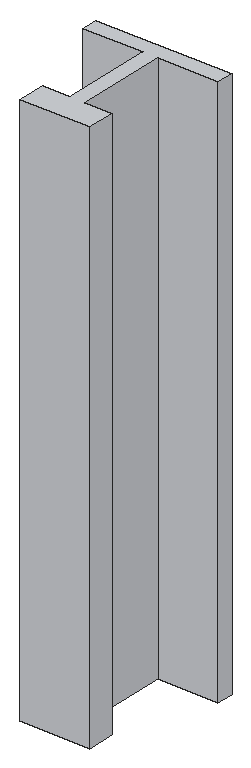
Revit family "鋼軌樁", category 一般模型, Revit 2019
Family settings
  可以作為鋼筋主體 = 否
  圓形接點標註 = 使用直徑
  組件類型 = 正常
  以工作平面為基礎 = 否
  總是垂直 = 是
  載入時使用空心切割 = 否
  共用 = 否
  房間計算點 = 否
Parameters
  高度 = 500 mm
  t = 13.5 mm
  F_modified = F * 0.7  # 14.98 mm
  F = 21.4 mm
  E = 64.7 mm
  D_modified = D * 0.7  # 25.27 mm
  D = 36.1 mm
  C = 62.7 mm
  B = 122.2 mm
  A = 122.2 mm
Reference planes
  plane 1 "中心 (前/後)": y = 0
  plane 2: z = 0
  plane 3 "中心 (左/右)": x = 0
Forms (mm)
  Extrusion 1, solid
    sketch origin (12.153, 372.643, 0) x (-1, 0, 0) y (0, -1, 0)
      loop
        line (-19.197, 433.743) -> (-19.197, 408.473) -> (5.403, 408.473) -> (5.403, 326.523) -> (-48.947, 326.523) -> (-48.947, 311.543) -> (73.253, 311.543) -> (73.253, 326.523) -> (18.903, 326.523) -> (18.903, 408.473) -> (43.503, 408.473) -> (43.503, 433.743) -> (-19.197, 433.743)
    from 0 to -500
Dimensions and locks
  "C": Extrusion 1 to Extrusion 1
  equal spacing: Extrusion 1, plane 3 "中心 (左/右)", Extrusion 1  (x3)
  "t": Extrusion 1 to Extrusion 1
  "A": Extrusion 1 to Extrusion 1
  equal spacing: Extrusion 1, plane 1 "中心 (前/後)", Extrusion 1
  "D_modified": Extrusion 1 to Extrusion 1  (x2)
  "B": Extrusion 1 to Extrusion 1
  "高度": Extrusion 1 to Extrusion 1
  "F_modified": Extrusion 1 to Extrusion 1
  aligned and locked: level to plane 2
Automatic sketch dimensions
  plane 3 "中心 (左/右)" to Extrusion 1 sketch curve = 61.1 mm
  plane 3 "中心 (左/右)" to Extrusion 1 sketch curve = 31.35 mm
  plane 3 "中心 (左/右)" to Extrusion 1 sketch curve = 6.75 mm
  Extrusion 1 sketch curve to plane 3 "中心 (左/右)" = 6.75 mm
  Extrusion 1 sketch curve to Extrusion 1 sketch curve = 24.6 mm
  Extrusion 1 sketch curve to Extrusion 1 sketch curve = 54.35 mm
  Extrusion 1 sketch curve to plane 1 "中心 (前/後)" = 61.1 mm
  Extrusion 1 sketch curve to Extrusion 1 sketch curve = 14.98 mm
  Extrusion 1 sketch curve to Extrusion 1 sketch curve = 0 mm  (x2)
  plane 1 "中心 (前/後)" to Extrusion 1 sketch curve = 35.83 mm
  Extrusion 1 sketch curve to Extrusion 1 sketch curve = 25.27 mm
